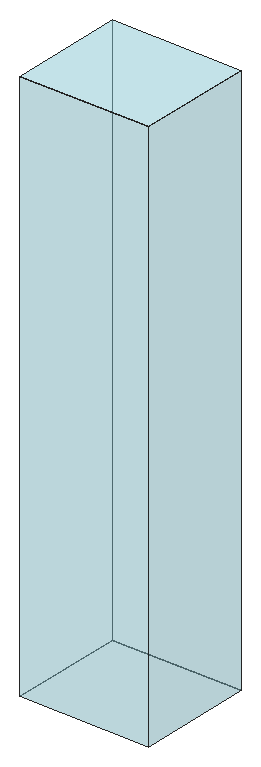
Revit family "Лифт_2D", category Специальное оборудование, Revit 2019
Family settings
  Размер круглого соединителя = Использовать диаметр
  Тип детали = Нормальный
  Всегда вертикально = Да
  При загрузке вырезать с полостями = Нет
  Общий = Нет
  Точка расчета площади = Нет
Parameters (values of type "Лифт_1950х1750_Кабина_1100х1400пр")
  Ширина кабины = 1100 mm
  Шахта_Отступ проема_Право = (AR_Шахта_Ширина - Шахта_Отступ проема_Лево) - AR_Шахта_Ширина проема  # 450 mm
  Шахта_Отступ проема_Лево = 450 mm
  Спереди_Право = Шахта_Отступ проема_Право  # 450 mm
  Спереди_Лево = Шахта_Отступ проема_Лево * par  # 450 mm
  Отступ кабины спереди = 150 mm
  Отступ кабины слева = 405 mm
  Оборудование_выкл = no
  Оборудование_Центр = and(not(Оборудование_Право), not(Оборудование_Лево), not(Оборудование_выкл))  # no
  Оборудование_Право = yes
  Оборудование_Лево = no
  Назед_Лево = Шахта_Отступ проема_Лево * par  # 450 mm
  Назад_Право = Шахта_Отступ проема_Право  # 450 mm
  Доступность МГН = no
  Группа модели = "Лифт"  # constant formula
  Глубина кабины = 1400 mm
  par = 1  # constant formula
  R_Шахта_Ширина проема [instance] = 1050 mm
  R_AR_Шахта_Ширина [instance] = AR_Шахта_Ширина * par  # 1950 mm
  R_AR_Шахта_Приямок [instance] = AR_Шахта_Приямок * par  # 0 mm
  R_AR_Шахта_Маш.отд. [instance] = AR_Шахта_Маш.отд. * par  # 4400 mm
  R_AR_Шахта_Глубина [instance] = AR_Шахта_Глубина * par  # 1750 mm
  FMId = "6e846d62f685438486ef10d538530486"  # constant formula
  AR_Шахта_Ширина проема = 1050 mm
  AR_Шахта_Ширина = 1950 mm
  AR_Шахта_Приямок = 0 mm
  AR_Шахта_Маш.отд. = 4400 mm
  AR_Шахта_Глубина = 1750 mm
  AR_Шахта_Высота проема = 2200 mm
  AR_Шахта_Высота [instance] = 4000 mm
  AR_Скорость подъема (м/с) = "1"
Types (6, lengths in mm): name | Шахта_Отступ проема_Право | Шахта_Отступ проема_Лево | Спереди_Право | Спереди_Лево | Отступ кабины слева | Оборудование_Право | Оборудование_Лево | Назед_Лево | Назад_Право | Глубина кабины | R_AR_Шахта_Ширина | R_AR_Шахта_Глубина | AR_Шахта_Ширина | AR_Шахта_Глубина
  Лифт_1750х2650пр | 460 | 240 | 460 | 240 | 215 | yes | no | 240 | 460 | 2100 | 1750 | 2650 | 1750 | 2650
  Лифт_1750х2650л | 240 | 460 | 240 | 460 | 435 | no | yes | 460 | 240 | 2100 | 1750 | 2650 | 1750 | 2650
  Лифт_1950х1750_Кабина_1100х1400л | 490 | 410 | 490 | 410 | 445 | no | yes | 410 | 490 | 1400 | 1950 | 1750 | 1950 | 1750
  Лифт_1950х1750_Кабина_1100х1400пр | 450 | 450 | 450 | 450 | 405 | yes | no | 450 | 450 | 1400 | 1950 | 1750 | 1950 | 1750
  Лифт_1730х2650пр | 440 | 240 | 440 | 240 | 215 | yes | no | 240 | 440 | 2100 | 1730 | 2650 | 1730 | 2650
  Лифт_1730х2650л | 220 | 460 | 220 | 460 | 435 | no | yes | 460 | 220 | 2100 | 1730 | 2650 | 1730 | 2650
Reference planes
  plane 1 "По центру (Вперед/Назад)": y = 0
  plane 2: z = 0
  plane 3 "По центру (Влево/Вправо)": x = 0
  plane 4: y = 875
  plane 5: y = -875
  plane 6 "Право": x = 975
  plane 7 "Лево": x = -975
  plane 8: x = -525
  plane 9: x = 525
  plane 10 "Верх": z = 4000
  plane 11 "План": z = 1000
  plane 12 "Верх проема": z = 2200
  plane 13 "Маш.отд.": z = 8400
  plane 14 "Приямок": z = 0
Forms (mm)
  Extrusion 1, solid, material "Концепция. Форма по умолчанию", detail levels medium+fine
    sketch origin (0, 0, 0) x (1, 0, 0) y (0, 1, 0)
      loop
        line (975, 875) -> (-975, 875) -> (-975, -875) -> (975, -875) -> (975, 875)
    from 0 to 8400
Lines and regions (mm)
  model lines, style "Пунктир"
    curve 1: line (975, 875, 0) -> (525, 875, 0)
    curve 2: line (975, -875, 0) -> (975, 875, 0)
    curve 3: line (-975, -875, 0) -> (-525, -875, 0)
    curve 4: line (-975, 875, 0) -> (-975, -875, 0)
    curve 5: line (525, -875, 0) -> (975, -875, 0)
    curve 7: line (975, 0, 8400) -> (-975, 0, 8400)
    curve 8: line (975, 0, 0) -> (975, 0, 8400)
    curve 9: line (-975, 0, 8400) -> (-975, 0, 0)
    curve 19: line (-975, 0, 0) -> (975, 0, 0)
    curve 20: line (0, 875, 8400) -> (0, -875, 8400)
    curve 21: line (0, 875, 0) -> (0, 875, 8400)
    curve 22: line (0, -875, 0) -> (0, 875, 0)
    curve 23: line (0, -875, 8400) -> (0, -875, 0)
    curve 24: line (-525, 875, 0) -> (-975, 875, 0)
    curve 26: line (525, -875, 0) -> (525, -975, 0)
    curve 27: line (-525, -875, 0) -> (-525, -975, 0)
  model lines, style "InvisibleLines", not visible
    curve 6: line (0, 0, 0) -> (0, 0, 8400)
  model lines, not visible
    curve 10: line (800, 1100, 1000) -> (520, 1100, 1000)
    curve 11: line (800, -1100, 1000) -> (800, 1100, 1000)
    curve 12: line (-800, -1100, 1000) -> (-500, -1100, 1000)
    curve 13: line (-800, 1100, 1000) -> (-800, -1100, 1000)
    curve 14: line (600, -1100, 1000) -> (800, -1100, 1000)
    curve 15: line (800, -300, 4000) -> (-800, -300, 4000)
    curve 16: line (800, -300, 0) -> (800, -300, 4000)
    curve 17: line (-800, -300, 0) -> (800, -300, 0)
    curve 18: line (-800, -300, 4000) -> (-800, -300, 0)
    curve 25: line (-340, 1100, 1000) -> (-800, 1100, 1000)
  model lines, style "Пунктир", not visible
    curve 28: line (525, 875, 0) -> (525, 975, 0)
    curve 29: line (-525, 875, 0) -> (-525, 975, 0)
  symbolic lines, detail levels medium+fine
    curve 30: line (725, -300, 2200) -> (-825, -300, 2200)
    curve 31: line (725, -300, -200) -> (725, -300, 2200)
    curve 32: line (-825, -300, -200) -> (725, -300, -200)
    curve 33: line (-825, -300, 2200) -> (-825, -300, -200)
    curve 34: line (300, 625, 2200) -> (300, -725, 2200)
    curve 35: line (300, 625, -200) -> (300, 625, 2200)
    curve 36: line (300, -725, -200) -> (300, 625, -200)
    curve 37: line (300, -725, 2200) -> (300, -725, -200)
    curve 38: line (725, -300, 2200) -> (-825, -300, -200)
    curve 39: line (725, -300, -200) -> (-825, -300, 2200)
    curve 40: line (300, 625, 2200) -> (300, -725, -200)
    curve 41: line (300, 625, -200) -> (300, -725, 2200)
  symbolic lines, style "SpecialityEquipmentHiddenLines"
    curve 42: line (-300, -875, 2200) -> (-300, -975, 2200)
  symbolic lines, style "SpecialityEquipmentHiddenLines", not visible
    curve 43: line (-300, 875, 2200) -> (-300, 975, 2200)
Dimensions and locks
  equal spacing: plane 7 "Лево", plane 3 "По центру (Влево/Вправо)", plane 6 "Право"
  equal spacing: plane 4, plane 1 "По центру (Вперед/Назад)", plane 5
  "AR_Шахта_Глубина": plane 4 to plane 5
  "AR_Шахта_Ширина": plane 7 "Лево" to plane 6 "Право"
  "Отступ кабины спереди": plane 5 to nested 1
  "Спереди_Лево": plane 7 "Лево" to plane 8
  "Спереди_Право": plane 9 to plane 6 "Право"
  "Назад_Право": curve 1 to plane 6 "Право"
  "Назед_Лево": plane 7 "Лево" to curve 24
  "R_Шахта_Ширина проема": plane 8 to plane 9
  locked: curve 26 to curve 26 at 100
  locked: curve 27 to curve 27 at 100
  locked: curve 28 to curve 28 at 100
  locked: curve 29 to curve 29 at 100
  plane 7 "Лево" to curve 33 = 150 mm
  plane 6 "Право" to curve 31 = 250 mm
  locked: curve 30 to plane 2 at 2200
  locked: plane 2 to curve 32 at 200
  locked: plane 2 to curve 36 at 200
  locked: curve 34 to plane 2 at 2200
  locked: plane 5 to curve 37 at 150
  curve 35 to plane 4 = 250 mm
  "AR_Шахта_Высота": level to level
  locked: curve 42 to curve 42 at 100
  locked: curve 43 to curve 43 at 100
  "AR_Шахта_Высота проема": plane 12 "Верх проема" to plane 2
  "AR_Шахта_Маш.отд.": plane 13 "Маш.отд." to plane 10 "Верх"
  "AR_Шахта_Приямок": plane 2 to plane 14 "Приямок"
  level to plane 2 = 0 mm
  "Отступ кабины слева": Extrusion 1 to nested 1
  aligned and locked: level to plane 2
  aligned and locked: plane 10 "Верх" to level
  aligned and locked: plane 3 "По центру (Влево/Вправо)" to curve 6
  aligned and locked: curve 23 to plane 5
  aligned and locked: plane 4 to curve 21
  aligned and locked: plane 12 "Верх проема" to curve 42
  aligned and locked: plane 13 "Маш.отд." to curve 7
  aligned and locked: curve 20 to plane 13 "Маш.отд."
  aligned and locked: curve 22 to plane 14 "Приямок"
  aligned and locked: plane 14 "Приямок" to curve 19
  aligned and locked: plane 13 "Маш.отд." to Extrusion 1
  aligned and locked: plane 14 "Приямок" to Extrusion 1
Automatic sketch dimensions
  curve 2 to curve 3 = 1950 mm
  curve 4 to curve 1 = 1500 mm
  curve 4 to curve 4 = 1750 mm
  curve 3 to curve 5 = 1500 mm
  curve 2 to curve 5 = 450 mm
  curve 1 to curve 1 = 450 mm
  curve 24 to curve 4 = 450 mm
  curve 3 to curve 3 = 450 mm
  curve 11 to curve 12 = 1600 mm
  curve 13 to curve 10 = 0 mm
  curve 13 to curve 13 = 2200 mm
  curve 12 to curve 14 = 0 mm
  curve 11 to curve 14 = 200 mm
  curve 10 to curve 10 = 280 mm
  curve 25 to curve 13 = 460 mm
  curve 12 to curve 12 = 300 mm
  plane 12 "Верх проема" to curve 43 = 0 mm
  curve 43 to plane 4 = 0 mm
  curve 42 to plane 5 = 0 mm
  plane 7 "Лево" to curve 9 = 0 mm
  plane 6 "Право" to curve 7 = 0 mm
  Extrusion 1 sketch curve to plane 4 = 0 mm
  Extrusion 1 sketch curve to plane 7 "Лево" = 0 mm
  Extrusion 1 sketch curve to plane 5 = 0 mm
  Extrusion 1 sketch curve to plane 6 "Право" = 0 mm
  curve 4 to plane 7 "Лево" = 0 mm
  curve 3 to plane 8 = 0 mm
  curve 24 to plane 8 = 0 mm
  curve 26 to plane 9 = 0 mm
  curve 5 to plane 5 = 0 mm
  curve 1 to plane 4 = 0 mm
  curve 1 to plane 9 = 0 mm
  curve 1 to plane 6 "Право" = 0 mm
  curve 27 to plane 5 = 0 mm
  curve 29 to plane 4 = 0 mm
Nested families
  nested 1: "(D)_Условно_Лифт_Кабина" at (-20, -25, 0), a <- "Ширина кабины", b <- "Глубина кабины", type "(D)_Условно_Лифт_Кабина"
    with b 1400 mm, a 1100 mm
  nested 2: "(AT)_Символ доступности МГН" at (0, 0, 0), visible <- "Доступность МГН", type "Символ доступности МГН"
Definition of nested family "(D)_Условно_Лифт_Кабина"
  Parameters (values of type "(D)_Условно_Лифт_Кабина")
    Оборудование_Центр = no
    Оборудование_Право = yes
    Оборудование_Лево/Право = no
    b [instance] = 2000 mm
    a [instance] = 1500 mm
  Reference planes
    plane 1 "По центру (Вперед/Назад)": y = 0
    plane 2: z = 0
    plane 3 "По центру (Влево/Вправо)": x = 0
  Lines and regions (mm)
    detail lines, in view "Опорный уровень"
      curve 1: line (750, 1000, 0) -> (-750, 1000, 0)
      curve 2: line (750, -1000, 0) -> (750, 1000, 0)
      curve 3: line (-750, -1000, 0) -> (750, -1000, 0)
      curve 4: line (-750, 1000, 0) -> (-750, -1000, 0)
      curve 5: line (750, 1000, 0) -> (-750, -1000, 0)
      curve 6: line (-750, 1000, 0) -> (750, -1000, 0)
      curve 19: line (-785, 1035, 0) -> (-785, -1035, 0)
      curve 20: line (-785, -1035, 0) -> (785, -1035, 0)
      curve 21: line (785, -1035, 0) -> (785, 1035, 0)
      curve 22: line (785, 1035, 0) -> (-785, 1035, 0)
    detail lines, in view "Опорный уровень", visible <- "Оборудование_Центр"
      curve 7: line (400, 1200, 0) -> (-400, 1200, 0)
      curve 8: line (400, 1100, 0) -> (400, 1200, 0)
      curve 9: line (-400, 1100, 0) -> (400, 1100, 0)
      curve 10: line (-400, 1200, 0) -> (-400, 1100, 0)
    detail lines, in view "Опорный уровень", visible <- "Оборудование_Право"
      curve 11: line (950, 400, 0) -> (850, 400, 0)
      curve 12: line (950, -400, 0) -> (950, 400, 0)
      curve 13: line (850, -400, 0) -> (950, -400, 0)
      curve 14: line (850, 400, 0) -> (850, -400, 0)
    detail lines, in view "Опорный уровень", visible <- "Оборудование_Лево/Право"
      curve 15: line (-950, 400, 0) -> (-850, 400, 0)
      curve 16: line (-950, -400, 0) -> (-950, 400, 0)
      curve 17: line (-850, -400, 0) -> (-950, -400, 0)
      curve 18: line (-850, 400, 0) -> (-850, -400, 0)
  Dimensions and locks
    equal spacing: curve 4, plane 3 "По центру (Влево/Вправо)", curve 2
    equal spacing: curve 1, plane 1 "По центру (Вперед/Назад)", curve 3
    "b": curve 1 to curve 3
    "a": curve 4 to curve 2
    locked: curve 1 to curve 9 at 100
    locked: curve 7 to curve 9 at 100
    curve 2 to curve 14 = 100 mm
    locked: curve 14 to curve 12 at 100
    locked: curve 13 to plane 1 "По центру (Вперед/Назад)" at 400
    locked: curve 4 to curve 18 at 100
    locked: curve 18 to curve 16 at 100
    locked: curve 17 to plane 1 "По центру (Вперед/Назад)" at 400
    locked: curve 11 to plane 1 "По центру (Вперед/Назад)" at 400
    locked: plane 1 "По центру (Вперед/Назад)" to curve 15 at 400
    locked: curve 10 to plane 3 "По центру (Влево/Вправо)" at 400
    locked: plane 3 "По центру (Влево/Вправо)" to curve 8 at 400
    locked: curve 22 to curve 1 at 35
    locked: curve 20 to curve 3 at 35
    locked: curve 2 to curve 21 at 35
    locked: curve 19 to curve 4 at 35
Definition of nested family "(AT)_Символ доступности МГН"
  Parameters (values of type "Символ доступности МГН")
    Символ доступности МГН = yes
  Reference planes
    plane 1: y = 0
    plane 2: x = 0
  Lines and regions (mm)
    Filled region 1, type "Серая", visible <- "Символ доступности МГН"
      outline origin (0, 0, 0) x (0, 1, 0) y (-1, 0, 0)
        loop
          line (2.654, -0.542) -> (2.654, 2.345) -> (1.854, 2.345) -> (1.854, -0.379) -> (0.738, -0.151) -> (0.738, 3.398) -> (-2.141, 4.106) -> (-1.864, 5.374) -> (-2.971, 5.646) -> (-3.517, 3.845) -> (0, 2.888) -> (0, -0.983) -> (4.564, -1.595)
          arc (4.564, -1.595) -> (6.084, -0.106) -> (4.085, -0.835) r 1.088
          line (4.085, -0.835) -> (2.654, -0.542)
        loop
          line (-2.321, 2.488) -> (-2.5, 3.278)
          arc (-2.5, 3.278) -> (-4.549, -2.916) -> (1.885, -1.839) r 3.809
          line (1.885, -1.839) -> (1.052, -1.727)
          arc (1.052, -1.727) -> (-3.999, -2.311) -> (-2.321, 2.488) r 3
